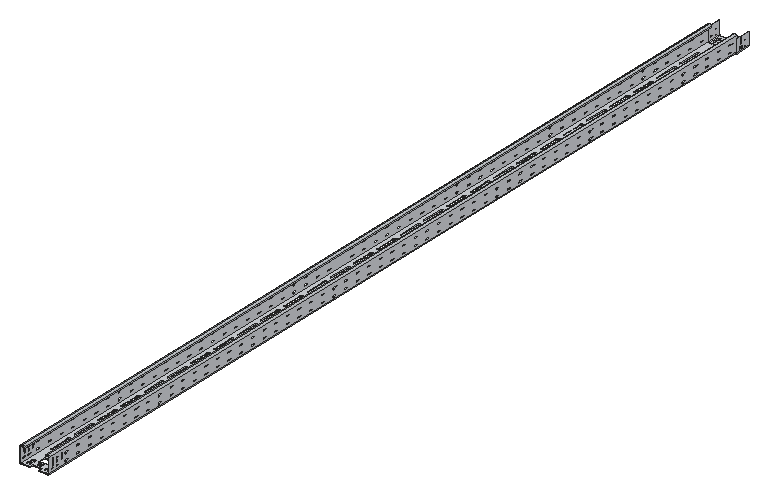
Revit family "Kabelrinne MKS Magic-MKSM Kabelrinne 1 mm, FT,FS", category Generic Models, Revit 2017 (continued)
Dimensions and locks
  locked: cut or joined group 1 (Extrusion 1, Extrusion 3, Extrusion 4, Extrusion 5, Extrusion 6, Extrusion 7, Extrusion 8, Extrusion 9, Extrusion 10, Extrusion 11, Extrusion 12, Extrusion 13, Extrusion 14, Extrusion 30, Extrusion 31, Extrusion 32, Extrusion 33, Extrusion 34, Extrusion 35, Extrusion 36, Extrusion 37, Extrusion 38, Extrusion 39, Extrusion 40, Extrusion 41, Extrusion 42, Extrusion 43, Extrusion 44, Extrusion 45, Extrusion 46, Extrusion 47, Extrusion 48, Extrusion 49, Extrusion 50, Extrusion 51, Extrusion 52, Extrusion 53, Extrusion 54, Extrusion 55, Extrusion 56, Extrusion 57, Extrusion 58, Extrusion 59, Extrusion 60, Extrusion 61, Extrusion 62, Extrusion 63, Extrusion 64, Extrusion 65, Extrusion 66, Extrusion 67, Extrusion 68, Extrusion 69, Extrusion 70, Extrusion 71, Extrusion 72, Extrusion 73, Extrusion 74, Extrusion 75, Extrusion 76, Extrusion 77, Extrusion 78, Extrusion 79, Extrusion 80, Extrusion 81, Extrusion 82, Extrusion 83, Extrusion 84, Extrusion 85, Extrusion 86, Extrusion 87, Extrusion 88, Extrusion 89, Extrusion 90, Extrusion 91, Extrusion 92, Extrusion 93, Extrusion 94, Extrusion 95, Extrusion 96, Extrusion 97, Extrusion 98, Extrusion 99, Extrusion 100, Extrusion 101, Extrusion 102, Extrusion 103, Extrusion 104, Extrusion 105, Extrusion 106, Extrusion 107, Extrusion 108, Extrusion 109, Extrusion 110, Extrusion 111, Extrusion 112, Extrusion 113, Extrusion 114, Extrusion 115, Extrusion 116, Extrusion 117, Extrusion 118, Extrusion 119, Extrusion 120, Extrusion 121, Extrusion 122, Extrusion 123, Extrusion 124, Extrusion 125, Extrusion 126, Extrusion 127, Extrusion 128, Extrusion 129, Extrusion 130, Extrusion 131, Extrusion 132, Extrusion 133, Extrusion 134, Extrusion 135, Extrusion 136, Extrusion 137, Extrusion 138, Extrusion 139, Extrusion 140, Extrusion 141, Extrusion 142, Extrusion 143, Extrusion 144, Extrusion 145, Extrusion 146, Extrusion 147, Extrusion 148, Extrusion 149, Extrusion 150, Extrusion 151, Extrusion 152, Extrusion 153, Extrusion 154, Extrusion 155, Extrusion 156, Extrusion 157, Extrusion 158, Extrusion 159, Extrusion 160, Extrusion 161, Extrusion 162, Extrusion 163, Extrusion 164, Extrusion 165, Extrusion 166, Extrusion 167, Extrusion 168, Extrusion 169, Extrusion 170, Extrusion 171, Extrusion 172, Extrusion 173, Extrusion 174, Extrusion 175, Extrusion 176, Extrusion 177, Extrusion 178, Extrusion 179, Extrusion 180, Extrusion 181, Extrusion 182, Extrusion 183, Extrusion 184, Extrusion 185, Extrusion 186, Extrusion 187, Extrusion 188, Extrusion 189, Extrusion 190, Extrusion 191, Extrusion 192, Extrusion 193, Extrusion 194, Extrusion 195, Extrusion 196, Extrusion 197, Extrusion 198, Extrusion 199, Extrusion 200, Extrusion 201, Extrusion 202, Extrusion 203, Extrusion 204, Extrusion 205, Extrusion 206, Extrusion 207, Extrusion 208, Extrusion 209, Extrusion 210, Extrusion 211, Extrusion 212, Extrusion 213, Extrusion 214, Extrusion 215, Extrusion 216, Extrusion 217, Extrusion 218, Extrusion 219, Extrusion 220, Extrusion 221, Extrusion 222, Extrusion 223, Extrusion 224, Extrusion 225, Extrusion 226, Extrusion 227, Extrusion 228, Extrusion 229, Extrusion 230, Extrusion 231, Extrusion 232, Extrusion 233, Extrusion 234, Extrusion 235, Extrusion 236, Extrusion 237, Extrusion 238, Extrusion 239, Extrusion 240, Extrusion 241, Extrusion 242, Extrusion 243, Extrusion 244, Extrusion 245, Extrusion 246, Extrusion 247, Extrusion 248, Extrusion 249, Extrusion 250, Extrusion 251, Extrusion 252, Extrusion 253, Extrusion 254, Extrusion 255, Extrusion 256, Extrusion 257, Extrusion 258, Extrusion 259, Extrusion 260, Extrusion 262, Extrusion 263, Extrusion 264, Extrusion 265, Extrusion 266, Extrusion 267, Extrusion 268, Extrusion 269, Extrusion 270, Extrusion 271, Extrusion 272, Extrusion 273, Extrusion 274, Extrusion 275, Extrusion 276, Extrusion 277, Extrusion 278, Extrusion 279, Extrusion 280, Extrusion 281, Extrusion 282, Extrusion 283, Extrusion 284, Extrusion 285, Extrusion 286, Extrusion 287, Extrusion 288, Extrusion 289, Extrusion 290, Extrusion 291, Extrusion 292, Extrusion 293, Extrusion 294, Extrusion 295, Extrusion 296, Extrusion 297, Extrusion 298, Extrusion 299, Extrusion 300, Extrusion 301, Extrusion 302, Extrusion 303, Extrusion 304, Extrusion 305, Extrusion 306, Extrusion 307, Extrusion 308, Extrusion 309, Extrusion 310, Extrusion 311, Extrusion 312, Extrusion 313, Extrusion 314, Extrusion 315, Extrusion 316, Extrusion 317, Extrusion 318, Extrusion 319, Extrusion 320, Extrusion 321, Extrusion 322, Extrusion 323, Extrusion 324, Extrusion 325, Extrusion 326, Extrusion 327, Extrusion 328, Extrusion 329, Extrusion 330, Extrusion 331, Extrusion 332, Extrusion 333, Extrusion 334, Extrusion 335, Extrusion 336, Extrusion 337, Extrusion 338, Extrusion 339, Extrusion 340, Extrusion 341, Extrusion 342, Extrusion 343, Extrusion 344, Extrusion 345, Extrusion 346, Extrusion 347, Extrusion 348, Extrusion 349, Extrusion 350, Extrusion 352, Extrusion 354, Extrusion 355, Extrusion 356, Extrusion 357, Extrusion 358, Extrusion 359, Extrusion 360, Extrusion 361, Extrusion 362, Extrusion 363, Extrusion 364, Extrusion 365, Extrusion 366, Extrusion 367, Extrusion 368, Extrusion 369, Extrusion 370, Extrusion 371, Extrusion 372, Extrusion 373, Extrusion 374, Extrusion 375, Extrusion 376, Extrusion 377, Extrusion 378, Extrusion 379, Extrusion 380, Extrusion 381, Extrusion 382, Extrusion 383, Extrusion 384, Extrusion 385, Extrusion 386, Extrusion 387, Extrusion 388, Extrusion 389, Extrusion 390, Extrusion 391, Extrusion 392, Extrusion 393, Extrusion 394, Extrusion 395, Extrusion 396, Extrusion 397, Extrusion 398, Extrusion 399, Extrusion 400, Extrusion 401, Extrusion 402, Extrusion 403, Extrusion 404, Extrusion 405, Extrusion 406, Extrusion 407, Extrusion 408, Extrusion 409, Extrusion 410, Extrusion 411) to plane 56 at 50.83
  locked: Extrusion 263 sketch curve to Extrusion 263 sketch curve at 30
  locked: Extrusion 263 sketch curve to Extrusion 263 sketch curve at 25.42
  plane 57 to plane 56 = 2898.34 mm
  locked: cut or joined group 1 to plane 3 "Center (Left/Right)" at 15
  locked: plane 3 "Center (Left/Right)" to cut or joined group 1 at 15
  locked: plane 58 to plane 56 at 101.564
  locked: cut or joined group 1 to plane 57 at 50.83
  locked: Extrusion 264 sketch curve to plane 26 at 15
  locked: plane 26 to Extrusion 264 sketch curve at 15
  locked: cut or joined group 1 to Extrusion 264 sketch curve at 12.71  (x2)
  locked: Extrusion 265 sketch curve to Extrusion 265 sketch curve at 30
  locked: Extrusion 265 sketch curve to Extrusion 265 sketch curve at 25.42
  equal spacing: group 231, group 232, group 233, group 234, group 235, group 236, group 237, group 238, group 239, group 240, group 241, group 242, group 243, group 244, group 245, group 246, group 247, group 248, group 249, group 250, group 251, group 252, group 253, group 254, group 255, group 256, group 257, group 258, group 259, group 260, group 261, group 262, group 263, group 264, group 265, group 266, group 267, group 268, group 269, group 270, group 271, group 272, group 273, group 274, group 275, group 276, group 277, group 278, group 279, group 280, group 281, group 282, group 283, group 284, group 285, group 286, group 287, group 288  (x3)
  locked: Extrusion 266 sketch curve to Extrusion 266 sketch curve at 30
  locked: Extrusion 266 sketch curve to Extrusion 266 sketch curve at 25.42
  locked: Extrusion 267 sketch curve to Extrusion 267 sketch curve at 30
  locked: Extrusion 267 sketch curve to Extrusion 267 sketch curve at 25.42
  locked: Extrusion 268 sketch curve to Extrusion 268 sketch curve at 30
  locked: Extrusion 268 sketch curve to Extrusion 268 sketch curve at 25.42
  locked: Extrusion 269 sketch curve to Extrusion 269 sketch curve at 30
  locked: Extrusion 269 sketch curve to Extrusion 269 sketch curve at 25.42
  locked: Extrusion 270 sketch curve to Extrusion 270 sketch curve at 30
  locked: Extrusion 270 sketch curve to Extrusion 270 sketch curve at 25.42
  locked: Extrusion 271 sketch curve to Extrusion 271 sketch curve at 30
  locked: Extrusion 271 sketch curve to Extrusion 271 sketch curve at 25.42
  locked: Extrusion 272 sketch curve to Extrusion 272 sketch curve at 30
  locked: Extrusion 272 sketch curve to Extrusion 272 sketch curve at 25.42
  locked: Extrusion 273 sketch curve to Extrusion 273 sketch curve at 30
  locked: Extrusion 273 sketch curve to Extrusion 273 sketch curve at 25.42
  locked: Extrusion 274 sketch curve to Extrusion 274 sketch curve at 30
  locked: Extrusion 274 sketch curve to Extrusion 274 sketch curve at 25.42
  locked: Extrusion 275 sketch curve to Extrusion 275 sketch curve at 30
  locked: Extrusion 275 sketch curve to Extrusion 275 sketch curve at 25.42
  locked: Extrusion 276 sketch curve to Extrusion 276 sketch curve at 30
  locked: Extrusion 276 sketch curve to Extrusion 276 sketch curve at 25.42
  locked: Extrusion 277 sketch curve to Extrusion 277 sketch curve at 30
  locked: Extrusion 277 sketch curve to Extrusion 277 sketch curve at 25.42
  locked: Extrusion 278 sketch curve to Extrusion 278 sketch curve at 30
  locked: Extrusion 278 sketch curve to Extrusion 278 sketch curve at 25.42
  locked: Extrusion 279 sketch curve to Extrusion 279 sketch curve at 30
  locked: Extrusion 279 sketch curve to Extrusion 279 sketch curve at 25.42
  locked: Extrusion 280 sketch curve to Extrusion 280 sketch curve at 30
  locked: Extrusion 280 sketch curve to Extrusion 280 sketch curve at 25.42
  locked: Extrusion 281 sketch curve to Extrusion 281 sketch curve at 30
  locked: Extrusion 281 sketch curve to Extrusion 281 sketch curve at 25.42
  locked: Extrusion 282 sketch curve to Extrusion 282 sketch curve at 30
  locked: Extrusion 282 sketch curve to Extrusion 282 sketch curve at 25.42
  locked: Extrusion 283 sketch curve to Extrusion 283 sketch curve at 30
  locked: Extrusion 283 sketch curve to Extrusion 283 sketch curve at 25.42
  locked: Extrusion 284 sketch curve to Extrusion 284 sketch curve at 30
  locked: Extrusion 284 sketch curve to Extrusion 284 sketch curve at 25.42
  locked: Extrusion 285 sketch curve to Extrusion 285 sketch curve at 30
  locked: Extrusion 285 sketch curve to Extrusion 285 sketch curve at 25.42
  locked: Extrusion 286 sketch curve to Extrusion 286 sketch curve at 30
  locked: Extrusion 286 sketch curve to Extrusion 286 sketch curve at 25.42
  locked: Extrusion 287 sketch curve to Extrusion 287 sketch curve at 30
  locked: Extrusion 287 sketch curve to Extrusion 287 sketch curve at 25.42
  locked: Extrusion 288 sketch curve to Extrusion 288 sketch curve at 30
  locked: Extrusion 288 sketch curve to Extrusion 288 sketch curve at 25.42
  locked: Extrusion 289 sketch curve to Extrusion 289 sketch curve at 30
  locked: Extrusion 289 sketch curve to Extrusion 289 sketch curve at 25.42
  locked: Extrusion 290 sketch curve to Extrusion 290 sketch curve at 30
  locked: Extrusion 290 sketch curve to Extrusion 290 sketch curve at 25.42
  locked: Extrusion 291 sketch curve to Extrusion 291 sketch curve at 30
  locked: Extrusion 291 sketch curve to Extrusion 291 sketch curve at 25.42
  locked: Extrusion 292 sketch curve to Extrusion 292 sketch curve at 30
  locked: Extrusion 292 sketch curve to Extrusion 292 sketch curve at 25.42
  locked: Extrusion 293 sketch curve to Extrusion 293 sketch curve at 30
  locked: Extrusion 293 sketch curve to Extrusion 293 sketch curve at 25.42
  locked: Extrusion 294 sketch curve to Extrusion 294 sketch curve at 30
  locked: Extrusion 294 sketch curve to Extrusion 294 sketch curve at 25.42
  locked: Extrusion 295 sketch curve to Extrusion 295 sketch curve at 30
  locked: Extrusion 295 sketch curve to Extrusion 295 sketch curve at 25.42
  locked: Extrusion 296 sketch curve to Extrusion 296 sketch curve at 30
  locked: Extrusion 296 sketch curve to Extrusion 296 sketch curve at 25.42
  locked: Extrusion 297 sketch curve to Extrusion 297 sketch curve at 30
  locked: Extrusion 297 sketch curve to Extrusion 297 sketch curve at 25.42
  locked: Extrusion 298 sketch curve to Extrusion 298 sketch curve at 30
  locked: Extrusion 298 sketch curve to Extrusion 298 sketch curve at 25.42
  locked: Extrusion 299 sketch curve to Extrusion 299 sketch curve at 30
  locked: Extrusion 299 sketch curve to Extrusion 299 sketch curve at 25.42
  locked: Extrusion 300 sketch curve to Extrusion 300 sketch curve at 30
  locked: Extrusion 300 sketch curve to Extrusion 300 sketch curve at 25.42
  locked: Extrusion 301 sketch curve to Extrusion 301 sketch curve at 30
  locked: Extrusion 301 sketch curve to Extrusion 301 sketch curve at 25.42
  locked: Extrusion 302 sketch curve to Extrusion 302 sketch curve at 30
  locked: Extrusion 302 sketch curve to Extrusion 302 sketch curve at 25.42
  locked: Extrusion 303 sketch curve to Extrusion 303 sketch curve at 30
  locked: Extrusion 303 sketch curve to Extrusion 303 sketch curve at 25.42
  locked: Extrusion 304 sketch curve to Extrusion 304 sketch curve at 30
  locked: Extrusion 304 sketch curve to Extrusion 304 sketch curve at 25.42
  locked: Extrusion 305 sketch curve to Extrusion 305 sketch curve at 30
  locked: Extrusion 305 sketch curve to Extrusion 305 sketch curve at 25.42
  locked: Extrusion 306 sketch curve to Extrusion 306 sketch curve at 30
  locked: Extrusion 306 sketch curve to Extrusion 306 sketch curve at 25.42
  locked: Extrusion 307 sketch curve to Extrusion 307 sketch curve at 30
  locked: Extrusion 307 sketch curve to Extrusion 307 sketch curve at 25.42
  locked: Extrusion 308 sketch curve to Extrusion 308 sketch curve at 30
  locked: Extrusion 308 sketch curve to Extrusion 308 sketch curve at 25.42
  locked: Extrusion 309 sketch curve to Extrusion 309 sketch curve at 30
  locked: Extrusion 309 sketch curve to Extrusion 309 sketch curve at 25.42
  locked: Extrusion 310 sketch curve to Extrusion 310 sketch curve at 30
  locked: Extrusion 310 sketch curve to Extrusion 310 sketch curve at 25.42
  locked: Extrusion 311 sketch curve to Extrusion 311 sketch curve at 30
  locked: Extrusion 311 sketch curve to Extrusion 311 sketch curve at 25.42
  locked: Extrusion 312 sketch curve to Extrusion 312 sketch curve at 30
  locked: Extrusion 312 sketch curve to Extrusion 312 sketch curve at 25.42
  locked: Extrusion 313 sketch curve to Extrusion 313 sketch curve at 30
  locked: Extrusion 313 sketch curve to Extrusion 313 sketch curve at 25.42
  locked: Extrusion 314 sketch curve to Extrusion 314 sketch curve at 30
  locked: Extrusion 314 sketch curve to Extrusion 314 sketch curve at 25.42
  locked: Extrusion 315 sketch curve to Extrusion 315 sketch curve at 30
  locked: Extrusion 315 sketch curve to Extrusion 315 sketch curve at 25.42
  locked: Extrusion 316 sketch curve to Extrusion 316 sketch curve at 30
  locked: Extrusion 316 sketch curve to Extrusion 316 sketch curve at 25.42
  locked: Extrusion 317 sketch curve to Extrusion 317 sketch curve at 30
  locked: Extrusion 317 sketch curve to Extrusion 317 sketch curve at 25.42
  locked: Extrusion 318 sketch curve to Extrusion 318 sketch curve at 30
  locked: Extrusion 318 sketch curve to Extrusion 318 sketch curve at 25.42
  locked: Extrusion 319 sketch curve to Extrusion 319 sketch curve at 30
  locked: Extrusion 319 sketch curve to Extrusion 319 sketch curve at 25.42
  locked: Extrusion 320 sketch curve to Extrusion 320 sketch curve at 30
  locked: Extrusion 320 sketch curve to Extrusion 320 sketch curve at 25.42
  locked: Extrusion 321 sketch curve to Extrusion 321 sketch curve at 30
  locked: Extrusion 321 sketch curve to Extrusion 321 sketch curve at 25.42
  locked: cut or joined group 1 to plane 59 at 76.25
  locked: cut or joined group 1 to cut or joined group of Extrusion 1, Extrusion 3, Extrusion 4, Extrusion 5, Extrusion 6, Extrusion 7, Extrusion 8, Extrusion 9, Extrusion 10, Extrusion 11, Extrusion 12, Extrusion 13, Extrusion 14, Extrusion 30, Extrusion 31, Extrusion 32, Extrusion 33, Extrusion 34, Extrusion 35, Extrusion 36, Extrusion 37, Extrusion 38, Extrusion 39, Extrusion 40, Extrusion 41, Extrusion 42, Extrusion 43, Extrusion 44, Extrusion 45, Extrusion 46, Extrusion 47, Extrusion 48, Extrusion 49, Extrusion 50, Extrusion 51, Extrusion 52, Extrusion 53, Extrusion 54, Extrusion 55, Extrusion 56, Extrusion 57, Extrusion 58, Extrusion 59, Extrusion 60, Extrusion 61, Extrusion 62, Extrusion 63, Extrusion 64, Extrusion 65, Extrusion 66, Extrusion 67, Extrusion 68, Extrusion 69, Extrusion 70, Extrusion 71, Extrusion 72, Extrusion 73, Extrusion 74, Extrusion 75, Extrusion 76, Extrusion 77, Extrusion 78, Extrusion 79, Extrusion 80, Extrusion 81, Extrusion 82, Extrusion 83, Extrusion 84, Extrusion 85, Extrusion 86, Extrusion 87, Extrusion 88, Extrusion 89, Extrusion 90, Extrusion 91, Extrusion 92, Extrusion 93, Extrusion 94, Extrusion 95, Extrusion 96, Extrusion 97, Extrusion 98, Extrusion 99, Extrusion 100, Extrusion 101, Extrusion 102, Extrusion 103, Extrusion 104, Extrusion 105, Extrusion 106, Extrusion 107, Extrusion 108, Extrusion 109, Extrusion 110, Extrusion 111, Extrusion 112, Extrusion 113, Extrusion 114, Extrusion 115, Extrusion 116, Extrusion 117, Extrusion 118, Extrusion 119, Extrusion 120, Extrusion 121, Extrusion 122, Extrusion 123, Extrusion 124, Extrusion 125, Extrusion 126, Extrusion 127, Extrusion 128, Extrusion 129, Extrusion 130, Extrusion 131, Extrusion 132, Extrusion 133, Extrusion 134, Extrusion 135, Extrusion 136, Extrusion 137, Extrusion 138, Extrusion 139, Extrusion 140, Extrusion 141, Extrusion 142, Extrusion 143, Extrusion 144, Extrusion 145, Extrusion 146, Extrusion 147, Extrusion 148, Extrusion 149, Extrusion 150, Extrusion 151, Extrusion 152, Extrusion 153, Extrusion 154, Extrusion 155, Extrusion 156, Extrusion 157, Extrusion 158, Extrusion 159, Extrusion 160, Extrusion 161, Extrusion 162, Extrusion 163, Extrusion 164, Extrusion 165, Extrusion
     166, Extrusion 167, Extrusion 168, Extrusion 169, Extrusion 170, Extrusion 171, Extrusion 172, Extrusion 173, Extrusion 174, Extrusion 175, Extrusion 176, Extrusion 177, Extrusion 178, Extrusion 179, Extrusion 180, Extrusion 181, Extrusion 182, Extrusion 183, Extrusion 184, Extrusion 185, Extrusion 186, Extrusion 187, Extrusion 188, Extrusion 189, Extrusion 190, Extrusion 191, Extrusion 192, Extrusion 193, Extrusion 194, Extrusion 195, Extrusion 196, Extrusion 197, Extrusion 198, Extrusion 199, Extrusion 200, Extrusion 201, Extrusion 202, Extrusion 203, Extrusion 204, Extrusion 205, Extrusion 206, Extrusion 207, Extrusion 208, Extrusion 209, Extrusion 210, Extrusion 211, Extrusion 212, Extrusion 213, Extrusion 214, Extrusion 215, Extrusion 216, Extrusion 217, Extrusion 218, Extrusion 219, Extrusion 220, Extrusion 221, Extrusion 222, Extrusion 223, Extrusion 224, Extrusion 225, Extrusion 226, Extrusion 227, Extrusion 228, Extrusion 229, Extrusion 230, Extrusion 231, Extrusion 232, Extrusion 233, Extrusion 234, Extrusion 235, Extrusion 236, Extrusion 237, Extrusion 238, Extrusion 239, Extrusion 240, Extrusion 241, Extrusion 242, Extrusion 243, Extrusion 244, Extrusion 245, Extrusion 246, Extrusion 247, Extrusion 248, Extrusion 249, Extrusion 250, Extrusion 251, Extrusion 252, Extrusion 253, Extrusion 254, Extrusion 255, Extrusion 256, Extrusion 257, Extrusion 258, Extrusion 259, Extrusion 260, Extrusion 262, Extrusion 263, Extrusion 264, Extrusion 265, Extrusion 266, Extrusion 267, Extrusion 268, Extrusion 269, Extrusion 270, Extrusion 271, Extrusion 272, Extrusion 273, Extrusion 274, Extrusion 275, Extrusion 276, Extrusion 277, Extrusion 278, Extrusion 279, Extrusion 280, Extrusion 281, Extrusion 282, Extrusion 283, Extrusion 284, Extrusion 285, Extrusion 286, Extrusion 287, Extrusion 288, Extrusion 289, Extrusion 290, Extrusion 291, Extrusion 292, Extrusion 293, Extrusion 294, Extrusion 295, Extrusion 296, Extrusion 297, Extrusion 298, Extrusion 299, Extrusion 300, Extrusion 301, Extrusion 302, Extrusion 303, Extrusion 304, Extrusion 305, Extrusion 306, Extrusion 307, Extrusion 308, Extrusion 309, Extrusion 310, Extrusion 311, Extrusion 312, Extrusion 313, Extrusion 314, Extrusion 315, Extrusion 316, Extrusion 317, Extrusion 318, Extrusion 319, Extrusion 320, Extrusion 321, Extrusion 322, Extrusion 323, Extrusion 324, Extrusion 325, Extrusion 326, Extrusion 327, Extrusion 328, Extrusion 329, Extrusion 330, Extrusion 331, Extrusion 332, Extrusion 333, Extrusion 334, Extrusion 335, Extrusion 336, Extrusion 337, Extrusion 338, Extrusion 339, Extrusion 340, Extrusion 341, Extrusion 342, Extrusion 343, Extrusion 344, Extrusion 345, Extrusion 346, Extrusion 347, Extrusion 348, Extrusion 349, Extrusion 350, Extrusion 352, Extrusion 354, Extrusion 355, Extrusion 356, Extrusion 357, Extrusion 358, Extrusion 359, Extrusion 360, Extrusion 361, Extrusion 362, Extrusion 363, Extrusion 364, Extrusion 365, Extrusion 366, Extrusion 367, Extrusion 368, Extrusion 369, Extrusion 370, Extrusion 371, Extrusion 372, Extrusion 373, Extrusion 374, Extrusion 375, Extrusion 376, Extrusion 377, Extrusion 378, Extrusion 379, Extrusion 380, Extrusion 381, Extrusion 382, Extrusion 383, Extrusion 384, Extrusion 385, Extrusion 386, Extrusion 387, Extrusion 388, Extrusion 389, Extrusion 390, Extrusion 391, Extrusion 392, Extrusion 393, Extrusion 394, Extrusion 395, Extrusion 396, Extrusion 397, Extrusion 398, Extrusion 399, Extrusion 400, Extrusion 401, Extrusion 402, Extrusion 403, Extrusion 404, Extrusion 405, Extrusion 406, Extrusion 407, Extrusion 408, Extrusion 409, Extrusion 410, Extrusion 411 at 32.501
  locked: plane 50 to plane 60 at 101.67
  group 289 to group 290 = 0 mm  (x2)
  group 289 to group 290 = 101.693 mm
  cut or joined group of Extrusion 2, Extrusion 15, Extrusion 16, Extrusion 17, Extrusion 18, Extrusion 19, Extrusion 20, Extrusion 21, Extrusion 22, Extrusion 23, Extrusion 24, Extrusion 25, Extrusion 26, Extrusion 27, Extrusion 28, Extrusion 29, Extrusion 261, Extrusion 264 to plane 61 = 127.05 mm
  plane 50 to plane 61 = 2846.7 mm
  equal spacing: group 290, group 291, group 292, group 293, group 294, group 295, group 296, group 297, group 298, group 299, group 300, group 301, group 302, group 303, group 304, group 305, group 306, group 307, group 308, group 309, group 310, group 311, group 312, group 313, group 314, group 315, group 316, group 317  (x3)
